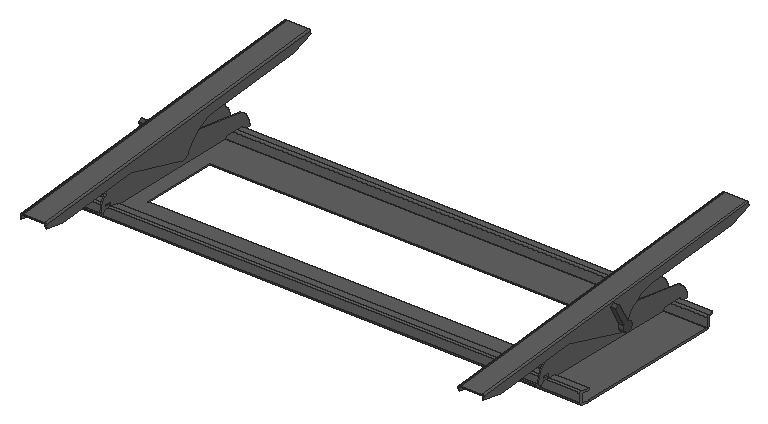
Revit family "Atdec-Bracket-TH-3070-UT-", category Generic Models, host Face, Revit 2016
Family settings
  Host = Face
  Part Type = Normal
  Can host rebar = No
  Round Connector Dimension = Use Diameter
  Cut with Voids When Loaded = No
  Shared = No
  Room Calculation Point = No
Parameters (values of type "TH-3070-UT")
  Weight, Single Unit = "6.84kg (15lb)"
  Weight, Master Carton = "28kg (61.7lb)"
  Warranty = "10 years"
  VESA mounting hole pattern, mm = "200x200, 200x300, 200x400, 300x200, 300x300, 400x200, 400x300, 400x400, 600x200, 600x400, 800x200, 800x400"
  Universal Height (mm) = "From 125 to 500"
  URL = "www.atdec.com.au"
  UPC Code = "881493004788"
  Tilt Angle [instance] = 5.00°
  Tilt Adjustment = "15° of downward and 5° of upward tilt"
  Single Unit Dimensions = "885mm (34.6\") Lenght, 275mm (10.8\") Width, 75mm (2.95\") Height"
  Single units per master pack = "4"
  Security feature = "Can be secured with padlock (not included)"
  Range of Motion = "Tilt"
  Product Information Link = "https://www.atdec.com.au/th-3070-ut"
  Product Family = "Wall Mount Rail"  # constant formula
  Universal Width (mm) = "From 180 to 800"
  Plate Finish [instance] = ATD-Powdercoat Black
  Pan Adjustment = "-"
  Model = "TH-3070-UT"
  Minimum distance from wall (mm) = "72.5 (2.85\")"
  Maximum distance from wall (mm) = "72.5 (2.85\")"
  Material = "Steel"
  Master Carton Dimensions = "900mm (35.4\") Lenght, 300mm (11.8\") Width, 320mm (12.6\") Height"
  Manufacturer = "Atdec"  # constant formula
  Flat screen maximum supported weight = "91kg (200lb)"
  Email Address = "support@atdec.com"
  Description = "Tilting angle wall mount"
  Default Elevation = 1219.2 mm
  Colour Options = "Black"
  Bracket Finish [instance] = ATD-Plastic Black
  Bracket Distance [instance] = 750 mm
  Backet Distance Restriction [instance] = if(Bracket Distance > 800 mm, 800 mm, Bracket Distance)  # 750 mm
  Assembly Code = "E1010800"
  Angle Restriction [instance] = if(Tilt Angle > 15.00°, 15.00°, if(Tilt Angle < 5.00°, 5.00°, Tilt Angle))  # 5.00°
Reference planes
  plane 1 "Center (Front/Back)": y = 0
  plane 2: z = 0
  plane 3 "Center (Left/Right)": x = 0
  plane 4: x = -375
  plane 5: x = 375
  plane 6: y = -59.503
  plane 7: z = 62.915
Forms (mm)
  Extrusion 1, solid, material "ATD-Powdercoat Black" <- "Plate Finish"
    sketch origin (0, 0, 0) x (0, 1, 0) y (0, 0, 1)
      loop
        line (140, 17.59) -> (140, 19.59) -> (128, 19.59)
        arc (128, 19.59) -> (126.232, 18.858) -> (125.5, 17.09) r 2.5
        line (125.5, 17.09) -> (125.5, 2.59)
        arc (125.5, 2.59) -> (125.354, 2.236) -> (125, 2.09) r 0.5
        line (125, 2.09) -> (-125, 2.09)
        arc (-125, 2.09) -> (-125.354, 2.236) -> (-125.5, 2.59) r 0.5
        line (-125.5, 2.59) -> (-125.5, 17.09)
        arc (-125.5, 17.09) -> (-125.354, 17.444) -> (-125, 17.59) r 0.5
        line (-125, 17.59) -> (-113.5, 17.59) -> (-113.5, 19.59) -> (-125, 19.59)
        arc (-125, 19.59) -> (-126.768, 18.858) -> (-127.5, 17.09) r 2.5
        line (-127.5, 17.09) -> (-127.5, 2.59)
        arc (-127.5, 2.59) -> (-126.768, 0.822) -> (-125, 0.09) r 2.5
        line (-125, 0.09) -> (125, 0.09)
        arc (125, 0.09) -> (126.768, 0.822) -> (127.5, 2.59) r 2.5
        line (127.5, 2.59) -> (127.5, 17.09)
        arc (127.5, 17.09) -> (127.646, 17.444) -> (128, 17.59) r 0.5
        line (128, 17.59) -> (140, 17.59)
    from 430 to -430
  Extrusion 2, void
    sketch origin (0, 0, 0) x (1, 0, 0) y (0, 1, 0)
      loop
        arc (-424.656, 125) -> (-424.113, 132.813) -> (-421, 140) r 23.192
        line (-421, 140) -> (-435.24, 140) -> (-435.24, -127.5) -> (-420.793, -127.5)
        arc (-420.793, -127.5) -> (-424.032, -120.861) -> (-424.656, -113.5) r 20.108
        arc (-424.656, -113.5) -> (-418.673, 5.75) -> (-424.656, 125) r 1191.348
      loop
        arc (424.656, 125) -> (418.673, 5.75) -> (424.656, -113.5) r 1191.348
        arc (424.656, -113.5) -> (424.032, -120.861) -> (420.793, -127.5) r 20.108
        line (420.793, -127.5) -> (434.116, -127.5) -> (434.116, 140) -> (421, 140)
        arc (421, 140) -> (424.113, 132.813) -> (424.656, 125) r 23.192
      loop
        line (-330, 62.75) -> (-330, -62.75) -> (330, -62.75) -> (330, 62.75) -> (-330, 62.75)
    from 0.09 to 19.59
  Sweep 3, solid, material "ATD-Powdercoat Black" <- "Plate Finish"
    path origin (0, 0, 0) x (0, 1, 0) y (0, 0, 1)
      loop
        line (152.155, 15.5) -> (-147.845, 15.5)
    profile origin (0, 2.155, 15.5) x (0, 0, -1) y (1, 0, 0)
      loop
        line (-56.79, -370.5) -> (0, -370.5) -> (0, -337.5) -> (-56.79, -337.5) -> (-56.79, -339.5) -> (-2, -339.5) -> (-2, -368.5) -> (-56.79, -368.5) -> (-56.79, -370.5)
      loop
        line (-56.79, 370.5) -> (-56.79, 368.5) -> (-2, 368.5) -> (-2, 339.5) -> (-56.79, 339.5) -> (-56.79, 337.5) -> (0, 337.5) -> (0, 370.5) -> (-56.79, 370.5)
  Extrusion 4, void
    sketch origin (0, 0, 0) x (0, 1, 0) y (0, 0, 1)
      loop
        arc (135.917, 41.887) -> (147.53, 32.02) -> (152.155, 17.5) r 27.665
        line (152.155, 17.5) -> (152.155, 77.29) -> (-147.845, 77.29) -> (-147.845, 15.5) -> (-146.356, 15.5)
        arc (-146.356, 15.5) -> (-141.101, 40.164) -> (-120.993, 55.382) r 36.13
        line (-120.993, 55.382) -> (-64.95, 72.19) -> (-63.2, 72.191) -> (135.917, 41.887)
      loop
        line (129, 15.5) -> (129, 17.5) -> (139.95, 17.5) -> (139.95, 21.003) -> (107.963, 21.003) -> (101.325, 17.5) -> (-113, 17.5) -> (-113, 20.5) -> (-127.918, 22.068) -> (-127.918, 28.424) -> (-139.162, 28.424) -> (-139.162, 25.169) -> (-131.34, 25.169) -> (-131.34, 22) -> (-139.162, 22) -> (-143.757, 17.405) -> (-143.757, 15.5) -> (129, 15.5)
    from -375 to 375
Cuts and joins
  Extrusion 2 cuts Extrusion 1
  Extrusion 4 cuts Sweep 3
Lines and regions (mm)
  reference lines
    curve 1: line (0, -63.131, 104.384) -> (0, -59.503, 62.915)
    curve 2: line (0, -59.503, 62.915) -> (0, -34.598, 65.094)
Dimensions and locks
  Extrusion 1 sketch curve to Extrusion 1 sketch curve to plane 1 "Center (Front/Back)" to Extrusion 1 sketch curve to Extrusion 1 sketch curve = 3 mm locked, 125 mm locked, 125 mm locked, 0 mm locked
  Extrusion 1 sketch curve to Extrusion 1 sketch curve to Extrusion 1 sketch curve to Extrusion 1 sketch curve to plane 2 = 2 mm locked, 0.5 mm locked, 14.5 mm locked, 2.59 mm locked
  Extrusion 1 sketch curve to Extrusion 1 sketch curve to Extrusion 1 sketch curve to Extrusion 1 sketch curve to Extrusion 1 sketch curve to Extrusion 1 sketch curve to plane 2 = 2 mm locked, 0.5 mm locked, 14.5 mm locked, 0.5 mm locked, 2 mm locked, 0.09 mm locked
  equal spacing: Extrusion 1, plane 3 "Center (Left/Right)", Extrusion 1
  locked: Extrusion 1 to Extrusion 1 at 860
  equal spacing: plane 4, plane 3 "Center (Left/Right)", plane 5
  "Backet Distance Restriction": plane 4 to plane 5
  locked: Sweep 3 sketch curve to plane 2 at 15.5
  Sweep 3 sketch curve to plane 1 "Center (Front/Back)" to Sweep 3 sketch curve = 152.155 mm locked, 147.845 mm locked
  Sweep 3 sketch curve to Sweep 3 sketch curve to Sweep 3 sketch curve to Sweep 3 sketch curve to plane 4 = 2 mm locked, 29 mm locked, 2 mm locked, 4.5 mm locked
  plane 5 to Sweep 3 sketch curve to Sweep 3 sketch curve to Sweep 3 sketch curve to Sweep 3 sketch curve = 4.5 mm locked, 2 mm locked, 29 mm locked, 2 mm locked
  locked: plane 7 to plane 2 at 62.915
  locked: plane 1 "Center (Front/Back)" to plane 6 at 59.503
  locked: curve 1 to curve 2 (angle 90.00°)
  "Angle Restriction": angle curve 1 to plane 6
  aligned and locked: plane 2 to host face
  aligned and locked: level to host face
  aligned and locked: Extrusion 2 to Extrusion 1  (x2)
  aligned and locked: Extrusion 4 to plane 4
  aligned and locked: plane 5 to Extrusion 4
  aligned and locked: plane 6 to curve 1
  aligned and locked: plane 7 to curve 1
  aligned and locked: curve 1 to nested 1
  aligned and locked: nested 1 to curve 2
Automatic sketch dimensions
  host sketch curve to host sketch curve = 1024.728 mm
  host sketch curve to host sketch curve = 865.169 mm
  Extrusion 1 sketch curve to Extrusion 1 sketch curve = 0 mm  (x6)
  Extrusion 1 sketch curve to Extrusion 1 sketch curve = 11.5 mm
  Extrusion 1 sketch curve to Extrusion 1 sketch curve = 12 mm
  Extrusion 2 sketch curve to plane 1 "Center (Front/Back)" = 5.75 mm  (x2)
  Extrusion 2 sketch curve to plane 3 "Center (Left/Right)" = 1610.021 mm
  plane 1 "Center (Front/Back)" to Extrusion 2 sketch curve = 127.5 mm  (x2)
  Extrusion 2 sketch curve to plane 3 "Center (Left/Right)" = 435.24 mm
  Extrusion 2 sketch curve to Extrusion 2 sketch curve = 14.24 mm
  Extrusion 2 sketch curve to Extrusion 2 sketch curve = 14.447 mm
  Extrusion 2 sketch curve to Extrusion 2 sketch curve = 16.144 mm  (x2)
  Extrusion 2 sketch curve to Extrusion 2 sketch curve = 19.42 mm  (x2)
  Extrusion 2 sketch curve to Extrusion 2 sketch curve = 74.649 mm  (x2)
  Extrusion 2 sketch curve to plane 1 "Center (Front/Back)" = 62.75 mm
  plane 3 "Center (Left/Right)" to Extrusion 2 sketch curve = 330 mm
  Extrusion 2 sketch curve to Extrusion 2 sketch curve = 71.58 mm
  Extrusion 2 sketch curve to Extrusion 2 sketch curve = 13.116 mm
  Extrusion 2 sketch curve to Extrusion 2 sketch curve = 1175.905 mm
  Extrusion 2 sketch curve to Extrusion 2 sketch curve = 11.987 mm  (x2)
  plane 1 "Center (Front/Back)" to Extrusion 2 sketch curve = 62.75 mm
  Extrusion 2 sketch curve to Extrusion 2 sketch curve = 64.571 mm  (x2)
  Extrusion 2 sketch curve to Extrusion 2 sketch curve = 12.679 mm  (x2)
  Extrusion 2 sketch curve to Extrusion 2 sketch curve = 0 mm  (x2)
  level to Extrusion 4 sketch curve = 15.5 mm
  Extrusion 4 sketch curve to plane 6 = 88.342 mm
  Extrusion 4 sketch curve to Extrusion 4 sketch curve = 1.488 mm
  Extrusion 4 sketch curve to Extrusion 4 sketch curve = 2.599 mm
  Extrusion 4 sketch curve to Extrusion 4 sketch curve = 4.595 mm
  Extrusion 4 sketch curve to Extrusion 4 sketch curve = 0 mm  (x2)
  Extrusion 4 sketch curve to Extrusion 4 sketch curve = 7.822 mm
  Extrusion 4 sketch curve to Extrusion 4 sketch curve = 3.422 mm
  Extrusion 4 sketch curve to plane 7 = 7.533 mm
  Extrusion 4 sketch curve to Extrusion 4 sketch curve = 6.925 mm
  Extrusion 4 sketch curve to Extrusion 4 sketch curve = 14.918 mm
  Extrusion 4 sketch curve to Extrusion 4 sketch curve = 2.386 mm
  Extrusion 4 sketch curve to plane 6 = 5.447 mm
  Extrusion 4 sketch curve to Extrusion 4 sketch curve = 1.75 mm
  level to Extrusion 4 sketch curve = 17.5 mm
  Extrusion 4 sketch curve to plane 1 "Center (Front/Back)" = 101.325 mm
  Extrusion 4 sketch curve to Extrusion 4 sketch curve = 6.637 mm
  Extrusion 4 sketch curve to Extrusion 4 sketch curve = 16.54 mm
  Extrusion 4 sketch curve to Extrusion 4 sketch curve = 4.498 mm
  Extrusion 4 sketch curve to plane 7 = 21.028 mm
  Extrusion 4 sketch curve to Extrusion 4 sketch curve = 6.917 mm
  Extrusion 4 sketch curve to Extrusion 4 sketch curve = 10.95 mm
  plane 7 to Extrusion 4 sketch curve = 14.375 mm
  Extrusion 4 sketch curve to Extrusion 4 sketch curve = 16.238 mm
  Extrusion 4 sketch curve to Extrusion 4 sketch curve = 1.187 mm
  Extrusion 4 sketch curve to Extrusion 4 sketch curve = 2 mm
  Extrusion 4 sketch curve to Extrusion 4 sketch curve = 0.276 mm
  Extrusion 4 sketch curve to Extrusion 4 sketch curve = 3.503 mm
  Extrusion 4 sketch curve to Extrusion 4 sketch curve = 6.5 mm
  Extrusion 4 sketch curve to Extrusion 4 sketch curve = 0.068 mm
  Extrusion 4 sketch curve to Extrusion 4 sketch curve = 3.169 mm
  Extrusion 4 sketch curve to Extrusion 4 sketch curve = 3.255 mm
  plane 7 to Extrusion 4 sketch curve = 9.275 mm
  Extrusion 4 sketch curve to Extrusion 4 sketch curve = 0.001 mm
  level to Extrusion 4 sketch curve = 17.405 mm
  Sweep 3 sketch curve to profile plane = 0 mm  (x2)
  profile plane to Sweep 3 sketch curve = 2 mm  (x2)
  Sweep 3 sketch curve to Sweep 3 sketch curve = 54.79 mm  (x2)
  Sweep 3 sketch curve to Sweep 3 sketch curve = 0 mm  (x2)
Nested families
  nested 1: "UT" at (0, -59.503, 62.915) x (1, 0, 0) z (0, -0.0872, 0.9962), Plate Finish <- "Plate Finish", Bracket Finish <- "Bracket Finish", Bracket Dist <- "Backet Distance Restriction", type "UT"
    with Plate Finish ATD-Powdercoat Black, Bracket Finish ATD-Plastic Black, Bracket Dist 750 mm
Definition of nested family "UT"
  Parameters (values of type "UT")
    Plate Finish [instance] = none
    Default Elevation = 1219.2 mm
    Bracket Finish [instance] = none
    Bracket Dist [instance] = 781 mm
  Reference planes
    plane 1 "Center (Front/Back)": z = 0
    plane 2: y = 0
    plane 3 "Center (Left/Right)": x = 0
    plane 4: x = -390.5
    plane 5: x = 390.5
  Forms (mm)
    Sweep 1, solid, material <- "Plate Finish"
      path origin (0, 0, 0) x (0, 0, -1) y (0, 1, 0)
        loop
          line (114.899, 331.649) -> (114.899, -204.351)
      profile origin (0, 63.649, -114.899) x (0, 0, -1) y (1, 0, 0)
        loop
          line (-73.659, -390.5) -> (-73.659, -388.8) -> (-125.12, -388.8)
          arc (-125.12, -388.8) -> (-125.692, -388.628) -> (-125.939, -388.084) r 0.722
          line (-125.939, -388.084) -> (-125.939, -351.284)
          arc (-125.939, -351.284) -> (-125.675, -350.648) -> (-125.039, -350.384) r 0.9
          line (-125.039, -350.384) -> (-73.659, -350.384) -> (-73.659, -348.684) -> (-125.039, -348.684)
          arc (-125.039, -348.684) -> (-126.877, -349.446) -> (-127.639, -351.284) r 2.6
          line (-127.639, -351.284) -> (-127.639, -387.9)
          arc (-127.639, -387.9) -> (-126.877, -389.738) -> (-125.039, -390.5) r 2.6
          line (-125.039, -390.5) -> (-73.659, -390.5)
        loop
          line (-73.659, 390.5) -> (-125.039, 390.5)
          arc (-125.039, 390.5) -> (-126.877, 389.738) -> (-127.639, 387.9) r 2.6
          line (-127.639, 387.9) -> (-127.639, 351.284)
          arc (-127.639, 351.284) -> (-126.877, 349.446) -> (-125.039, 348.684) r 2.6
          line (-125.039, 348.684) -> (-73.659, 348.684) -> (-73.659, 350.384) -> (-125.039, 350.384)
          arc (-125.039, 350.384) -> (-125.675, 350.648) -> (-125.939, 351.284) r 0.9
          line (-125.939, 351.284) -> (-125.939, 388.084)
          arc (-125.939, 388.084) -> (-125.692, 388.628) -> (-125.12, 388.8) r 0.722
          line (-125.12, 388.8) -> (-73.659, 388.8) -> (-73.659, 390.5)
    Extrusion 2, void
      sketch origin (0, 0, 0) x (0, 0, -1) y (0, 1, 0)
        loop
          line (-5.948, 331.649) -> (3.44, 296.644) -> (3.44, 135.189)
          arc (3.44, 135.189) -> (12.09, 103.123) -> (35.693, 79.757) r 63.761
          arc (35.693, 79.757) -> (40.56, 73.992) -> (40.526, 66.447) r 10.918
          line (40.526, 66.447) -> (3.44, -32.881) -> (3.44, -171.34) -> (-5.406, -204.351) -> (42.802, -204.351) -> (42.802, 331.649) -> (-5.948, 331.649)
      from 390.5 to -390.5
    Extrusion 3, solid, material <- "Bracket Finish"
      sketch origin (0, 0, 0) x (0, 0, -1) y (0, 1, 0)
        loop
          arc (25.47, 63.542) -> (37.066, 73.664) -> (21.797, 71.718) r 8.044
          line (21.797, 71.718) -> (-10.939, 56.142) -> (-7.912, 49.78) -> (25.47, 63.542)
      from -401.184 to -393.184
    Extrusion 4, solid, material <- "Bracket Finish"
      sketch origin (0, 0, 0) x (0, 0, -1) y (0, -1, 0)
        loop
          line (25.47, -63.542) -> (-7.912, -49.78) -> (-10.939, -56.142) -> (21.797, -71.718)
          arc (21.797, -71.718) -> (37.066, -73.664) -> (25.47, -63.542) r 8.044
      from -401.184 to -393.184
  Cuts and joins
    Extrusion 2 cuts Sweep 1
  Dimensions and locks
    equal spacing: plane 4, plane 3 "Center (Left/Right)", plane 5
    "Bracket Dist": plane 4 to plane 5
    plane 4 to Extrusion 3 to Extrusion 3 = 2.684 mm locked, 8 mm locked
    plane 5 to Extrusion 4 to Extrusion 4 = 2.684 mm, 8 mm locked
    Sweep 1 sketch curve to Sweep 1 sketch curve to Sweep 1 sketch curve to Sweep 1 sketch curve to Sweep 1 sketch curve to Sweep 1 sketch curve to plane 5 = 1.7 mm locked, 0.9 mm locked, 36.616 mm locked, 0.9 mm locked, 1.7 mm locked, 0 mm locked
    plane 4 to Sweep 1 sketch curve to Sweep 1 sketch curve to Sweep 1 sketch curve to Sweep 1 sketch curve to Sweep 1 sketch curve to Sweep 1 sketch curve = 1.7 mm locked, 0.716 mm locked, 0.184 mm locked, 36.616 mm locked, 0.9 mm locked, 1.7 mm locked
    plane 5 to Extrusion 4 to Extrusion 4 = 2.684 mm locked, 8 mm locked
    Extrusion 3 to Extrusion 3 to plane 4 = 8 mm locked, 2.684 mm locked
    aligned and locked: Sweep 1 sketch curve to plane 4
    aligned and locked: Extrusion 2 to plane 4
    aligned and locked: plane 5 to Extrusion 2
  Automatic sketch dimensions
    Sweep 1 sketch curve to level = 114.899 mm
    Sweep 1 sketch curve to plane 2 = 204.351 mm
    plane 2 to Sweep 1 sketch curve = 331.649 mm
    Sweep 1 sketch curve to Sweep 1 sketch curve = 0 mm  (x6)
    profile plane to Sweep 1 sketch curve = 127.639 mm  (x2)
    Sweep 1 sketch curve to Sweep 1 sketch curve = 0.178 mm  (x2)
    Sweep 1 sketch curve to Sweep 1 sketch curve = 0.097 mm
    Sweep 1 sketch curve to Sweep 1 sketch curve = 51.38 mm  (x2)
    level to Extrusion 2 sketch curve = 5.948 mm
    level to Extrusion 2 sketch curve = 5.406 mm
    Extrusion 2 sketch curve to level = 3.44 mm  (x2)
    Extrusion 2 sketch curve to level = 30.298 mm
    Extrusion 2 sketch curve to Extrusion 2 sketch curve = 10.228 mm
    Extrusion 2 sketch curve to level = 42.802 mm
    Extrusion 2 sketch curve to Extrusion 2 sketch curve = 63.761 mm
    Extrusion 2 sketch curve to plane 2 = 204.351 mm
    Extrusion 2 sketch curve to Extrusion 2 sketch curve = 33.012 mm
    Extrusion 2 sketch curve to plane 2 = 32.881 mm
    plane 2 to Extrusion 2 sketch curve = 66.447 mm
    Extrusion 2 sketch curve to Extrusion 2 sketch curve = 3.819 mm
    Extrusion 2 sketch curve to Extrusion 2 sketch curve = 68.742 mm
    Extrusion 2 sketch curve to Extrusion 2 sketch curve = 161.456 mm
    Extrusion 2 sketch curve to Extrusion 2 sketch curve = 35.004 mm
    level to Extrusion 3 sketch curve = 10.939 mm
    Extrusion 3 sketch curve to Extrusion 3 sketch curve = 3.027 mm
    Extrusion 3 sketch curve to level = 25.47 mm
    Extrusion 3 sketch curve to Extrusion 3 sketch curve = 4.258 mm
    plane 2 to Extrusion 3 sketch curve = 49.78 mm
    Extrusion 3 sketch curve to Extrusion 3 sketch curve = 6.362 mm
    Extrusion 3 sketch curve to Extrusion 3 sketch curve = 13.762 mm
    Extrusion 3 sketch curve to Extrusion 3 sketch curve = 6.825 mm
    Extrusion 3 sketch curve to Extrusion 3 sketch curve = 0 mm
    level to Extrusion 4 sketch curve = 10.939 mm
    Extrusion 4 sketch curve to Extrusion 4 sketch curve = 3.027 mm
    Extrusion 4 sketch curve to level = 25.47 mm
    Extrusion 4 sketch curve to Extrusion 4 sketch curve = 4.258 mm
    plane 2 to Extrusion 4 sketch curve = 70.368 mm
    Extrusion 4 sketch curve to Extrusion 4 sketch curve = 6.825 mm
    Extrusion 4 sketch curve to Extrusion 4 sketch curve = 7.4 mm
    Extrusion 4 sketch curve to Extrusion 4 sketch curve = 6.362 mm
    Extrusion 4 sketch curve to Extrusion 4 sketch curve = 0 mm
